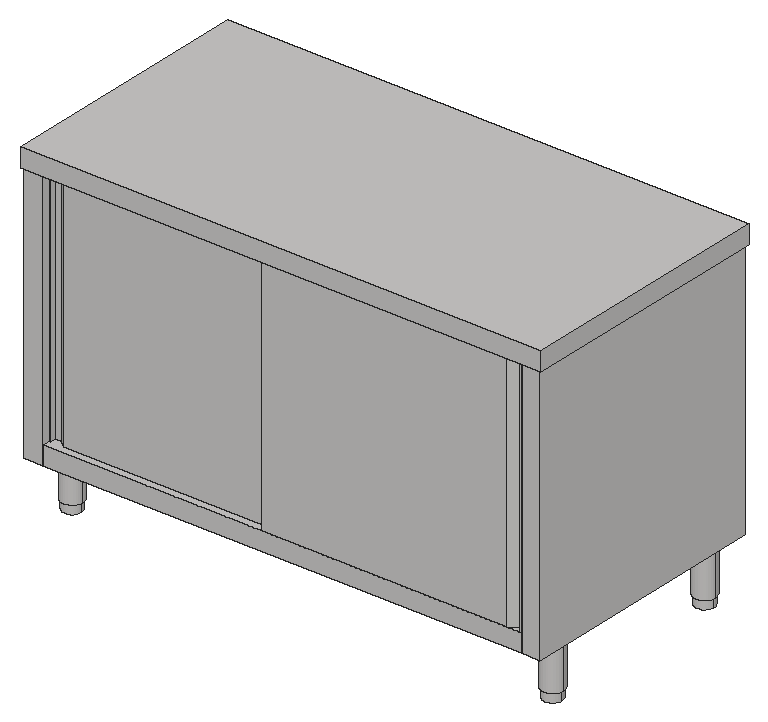
Revit family "QF_ELECTROLUXPROFESSIONAL_132772_MTN1400PN", category Specialty Equipment, Revit 2023
Family settings
  Round Connector Dimension = Use Diameter
  Part Type = Normal
  Work Plane-Based = No
  Enable Cutting in Views = No
  Always vertical = Yes
  Cut with Voids When Loaded = No
  Maintain Annotation Orientation = No
  Shared = No
  Room Calculation Point = No
Parameters (values of type "Standard")
  Weight = 60.00 kg
  Watts = 0 W
  Volts = 0 V
  URL Manufacturer = "http://www.electroluxprofessional.com"
  URL = "http://www.electroluxprofessional.com"
  Steam Supply Size = 0 mm
  Steam Supply Minimum Pressure = 0.0 Pa
  Steam Supply Maximum Pressure = 0.0 Pa
  Steam Consumption per Hour = 0
  Refrigeration Suction Line Size = 0.0 mm
  Refrigeration Liquid Line Size = 0.0 mm
  Refrigerant Compressor Remote = yes
  Default Elevation = 0.0 mm
  Manufacturer = "Electrolux Professional"
  Phase = 0
  Model = "MTN1400PN"
  Length Actual = 1400.0 mm
  Item Number = "132772"
  Hot Water Size = 0 mm
  Height Actual = 900.0 mm
  HP = "0 HP"
  Gas Size = 0 mm
  Gas KW = 0
  Gas Input Pressure = 0 W
  Direct Waste Size = 0 mm
  Description = "WORKTOP CUPB.+SHELF+SLIDING DOORS 1400MM"
  Depth Actual = 700.0 mm
  Cycle = 0 Hz
  Condensate Return Size = 0 mm
  Compressed Air Volume = 0.0 L/s
  Compressed Air Size = 0 mm
  Compressed Air Pressure = 0.0 Pa
  Cold Water Size = 0 mm
  Accessory = no
Reference planes
  plane 1 "Center (Front/Back)": y = 0
  plane 2: z = 0
  plane 3 "Center (Left/Right)": x = -200
  plane 4 "LEFT": x = -900
  plane 5 "RIGHT": x = 500
  plane 6 "BACK": y = 350
  plane 7 "FRONT": y = -350
  plane 8 "Base": z = 850
  plane 9 "TOP": z = 900
  plane 10: x = -846.9
  plane 11: x = 446.9
  plane 12: y = 270
  plane 13: y = -241.9
  plane 14 "BodyLeft": x = -894.5
  plane 15 "BodyFront": y = -344.5
  plane 16 "BodyRight": x = 494.5
  plane 17 "BodyBack": y = 344.5
  plane 18 "FEET": z = 150
  plane 19: x = -144.5
  plane 20: x = -255.5
Forms (mm)
  Extrusion 1, solid, material "QF_Finishes_Stainless Steel"
    sketch origin (-200, 0, 0) x (0, 1, 0) y (0, 0, 1)
      loop
        line (-350, 850) -> (350, 850) -> (350, 900) -> (-350, 900) -> (-350, 850)
    from 700 to -700
  Extrusion 2, solid, material "QF_Finishes_Stainless Steel"
    sketch origin (0, 0, 150) x (-1, 0, 0) y (0, -1, 0)
      loop
        line (894.5, -344.5) -> (894.5, 344.5) -> (844.5, 344.5) -> (844.5, -344.5) -> (894.5, -344.5)
      loop
        line (-444.5, -344.5) -> (-444.5, 344.5) -> (-494.5, 344.5) -> (-494.5, -344.5) -> (-444.5, -344.5)
    from 0 to 700
  Extrusion 3, solid, material "QF_Finishes_Stainless Steel"
    sketch origin (0, 0, 150) x (-1, 0, 0) y (0, -1, 0)
      loop
        line (843.585, -344.5) -> (843.585, 344.5) -> (-444.5, 344.5) -> (-444.5, -344.5) -> (843.585, -344.5)
    from 0 to 50
  Extrusion 4, solid, material "QF_Finishes_Stainless Steel"
    sketch origin (0, 0, 150) x (-1, 0, 0) y (0, -1, 0)
      loop
        line (843.585, -344.5) -> (843.585, -294.5) -> (-444.5, -294.5) -> (-444.5, -344.5) -> (843.585, -344.5)
    from 50 to 700
  Extrusion 5, solid, material "QF_Finishes_Stainless Steel"
    sketch origin (0, 0, 150) x (-1, 0, 0) y (0, -1, 0)
      loop
        line (-444.5, 344.5) -> (-444.5, 324.5) -> (255.5, 324.5) -> (255.5, 344.5) -> (-404.5, 344.5) -> (-424.5, 329.5) -> (-439.5, 329.5) -> (-439.5, 344.5) -> (-444.5, 344.5)
    from 50 to 700
  Extrusion 6, solid, material "QF_Finishes_Stainless Steel"
    sketch origin (0, 20, 150) x (1, 0, 0) y (0, 1, 0)
      loop
        line (-844.5, -344.5) -> (-839.5, -344.5) -> (-839.5, -329.5) -> (-824.5, -329.5) -> (-804.5, -344.5) -> (-144.5, -344.5) -> (-144.5, -324.5) -> (-844.5, -324.5) -> (-844.5, -344.5)
    from 50 to 700
Lines and regions (mm)
  symbolic lines
    curve 1: line (500, 350, 900) -> (-900, 350, 900)
    curve 2: line (-900, 350, 900) -> (-900, -350, 900)
    curve 3: line (-900, -350, 900) -> (500, -350, 900)
    curve 4: line (500, -350, 900) -> (500, 350, 900)
  symbolic lines, style "SpecialityEquipmentHiddenLines"
    curve 5: line (-894.5, 344.5, 150) -> (494.5, 344.5, 150)
    curve 6: line (-894.5, -344.5, 150) -> (-894.5, 344.5, 150)
    curve 7: line (494.5, -344.5, 150) -> (-894.5, -344.5, 150)
    curve 8: line (494.5, 344.5, 150) -> (494.5, -344.5, 150)
    curve 9: line (-844.5, -304.5, 150) -> (-144.5, -304.5, 150)
    curve 10: line (-144.5, -304.5, 150) -> (-144.5, -324.5, 150)
    curve 11: line (-844.5, -324.5, 150) -> (444.5, -324.5, 150)
    curve 12: line (444.5, -324.5, 150) -> (444.5, -344.5, 150)
    curve 13: line (-255.5, -324.5, 150) -> (-255.5, -344.5, 150)
    curve 14: line (-844.5, -304.5, 150) -> (-844.5, -324.5, 150)
Dimensions and locks
  plane 4 "LEFT" to plane 5 "RIGHT" = 1400.0 mm
  equal spacing: plane 4 "LEFT", plane 3 "Center (Left/Right)", plane 5 "RIGHT"
  locked: plane 8 "Base" to level at 850
  plane 9 "TOP" to level = 900.0 mm
  plane 6 "BACK" to plane 7 "FRONT" = 700.0 mm
  equal spacing: plane 6 "BACK", plane 1 "Center (Front/Back)", plane 7 "FRONT"
  locked: plane 4 "LEFT" to plane 14 "BodyLeft" at 5.5
  locked: plane 16 "BodyRight" to plane 5 "RIGHT" at 5.5
  locked: plane 15 "BodyFront" to plane 7 "FRONT" at 5.5
  locked: plane 6 "BACK" to plane 17 "BodyBack" at 5.5
  locked: plane 14 "BodyLeft" to plane 10 at 47.6
  locked: plane 11 to plane 16 "BodyRight" at 47.6
  locked: plane 13 to plane 15 "BodyFront" at 102.6
  locked: plane 17 "BodyBack" to plane 12 at 74.5
  plane 10 to plane 11 = 1293.8 mm
  plane 12 to plane 13 = 511.9 mm
  locked: plane 14 "BodyLeft" to Extrusion 2 sketch curve at 50
  locked: Extrusion 2 sketch curve to Extrusion 2 sketch curve at 50
  Extrusion 3 to Extrusion 4 sketch curve = 50.0 mm
  Extrusion 2 to plane 19 = 700.0 mm
  plane 20 to Extrusion 2 = 700.0 mm
  locked: plane 18 "FEET" to level at 150
  aligned and locked: level to plane 2
  aligned and locked: plane 10 to nested 1
  aligned and locked: nested 1 to plane 13
  aligned and locked: plane 11 to nested 2
  aligned and locked: nested 2 to plane 13
  aligned and locked: plane 11 to nested 4
  aligned and locked: nested 4 to plane 12
  aligned and locked: plane 10 to nested 3
  aligned and locked: nested 3 to plane 12
  aligned and locked: Extrusion 1 to plane 4 "LEFT"
  aligned and locked: plane 5 "RIGHT" to Extrusion 1
  aligned and locked: curve 2 to plane 4 "LEFT"
  aligned and locked: plane 17 "BodyBack" to Extrusion 2 sketch curve
  aligned and locked: Extrusion 2 sketch curve to plane 15 "BodyFront"
  aligned and locked: Extrusion 2 sketch curve to plane 14 "BodyLeft"
  aligned and locked: plane 16 "BodyRight" to Extrusion 2 sketch curve
  aligned and locked: Extrusion 2 sketch curve to plane 17 "BodyBack"
  aligned and locked: plane 15 "BodyFront" to Extrusion 2 sketch curve
  aligned and locked: Extrusion 3 sketch curve to plane 17 "BodyBack"
  aligned and locked: plane 15 "BodyFront" to Extrusion 3 sketch curve
  aligned and locked: plane 8 "Base" to Extrusion 2
  aligned and locked: Extrusion 4 sketch curve to Extrusion 3
  aligned and locked: plane 8 "Base" to Extrusion 5
  aligned and locked: Extrusion 5 to Extrusion 3
  aligned and locked: Extrusion 6 sketch curve to plane 19
  aligned and locked: Extrusion 5 sketch curve to plane 20
  aligned and locked: Extrusion 1 to plane 8 "Base"
  aligned and locked: plane 9 "TOP" to Extrusion 1
  aligned and locked: curve 5 to plane 17 "BodyBack"
  aligned and locked: plane 14 "BodyLeft" to curve 6
  aligned and locked: plane 15 "BodyFront" to curve 7
  aligned and locked: plane 16 "BodyRight" to curve 8
Automatic sketch dimensions
  curve 3 to plane 7 "FRONT" = 0.0 mm
  curve 4 to plane 6 "BACK" = 0.0 mm
  Extrusion 1 sketch curve to plane 7 "FRONT" = 0.0 mm
  plane 9 "TOP" to Extrusion 1 sketch curve = 0.0 mm
  Extrusion 1 sketch curve to plane 6 "BACK" = 0.0 mm
  Extrusion 1 sketch curve to plane 8 "Base" = 0.0 mm
  Extrusion 5 sketch curve to plane 15 "BodyFront" = 0.0 mm  (x2)
  Extrusion 5 sketch curve to plane 11 = 2.4 mm
  Extrusion 5 sketch curve to Extrusion 5 sketch curve = 5.0 mm
  Extrusion 5 sketch curve to Extrusion 5 sketch curve = 15.0 mm
  Extrusion 5 sketch curve to Extrusion 5 sketch curve = 20.0 mm
  plane 15 "BodyFront" to Extrusion 5 sketch curve = 15.0 mm
  plane 15 "BodyFront" to Extrusion 5 sketch curve = 20.0 mm
  Extrusion 6 sketch curve to plane 15 "BodyFront" = 20.0 mm  (x2)
  Extrusion 6 sketch curve to plane 10 = 2.4 mm
  Extrusion 6 sketch curve to Extrusion 6 sketch curve = 5.0 mm
  Extrusion 6 sketch curve to Extrusion 6 sketch curve = 15.0 mm
  Extrusion 6 sketch curve to Extrusion 6 sketch curve = 20.0 mm  (x2)
  Extrusion 6 sketch curve to plane 15 "BodyFront" = 35.0 mm
  Extrusion 3 sketch curve to plane 11 = 2.4 mm
  plane 10 to Extrusion 3 sketch curve = 3.315 mm
  Extrusion 4 sketch curve to plane 11 = 2.4 mm
  plane 10 to Extrusion 4 sketch curve = 3.315 mm
  curve 10 to plane 19 = 0.0 mm
  curve 13 to plane 20 = 0.0 mm
  curve 11 to plane 11 = 2.4 mm
  plane 15 "BodyFront" to curve 9 = 40.0 mm
  curve 12 to curve 12 = 20.0 mm
  plane 10 to curve 14 = 2.4 mm
  curve 4 to plane 5 "RIGHT" = 0.0 mm
Nested families
  nested 1: "FEET_D58-150" at (-846.9, -241.9, 0), type "FEET_D58-150"
  nested 2: "FEET_D58-150" at (446.9, -241.9, 0), type "FEET_D58-150"
  nested 3: "FEET_D58-150" at (-846.9, 270, 0), type "FEET_D58-150"
  nested 4: "FEET_D58-150" at (446.9, 270, 0), type "FEET_D58-150"
Definition of nested family "FEET_D58-150"
  Parameters
    Default Elevation = 0.0 mm
    FEET = 150.0 mm
  Reference planes
    plane 1 "Center (Front/Back)": y = 0
    plane 2: z = 0
    plane 3 "Center (Left/Right)": x = 0
    plane 4: z = 150
  Forms (mm)
    Extrusion 1, solid
      sketch origin (0, 0, 0) x (1, 0, 0) y (0, 1, 0)
        loop
          circle (0, 0) r 25
      from 0 to 25
    Extrusion 2, solid
      sketch origin (0, 0, 0) x (1, 0, 0) y (0, 1, 0)
        loop
          circle (0.061, 0) r 29
      from 25 to 150 <- "FEET"
  Lines and regions (mm)
    symbolic lines
      curve 1: line (0, -1.503, 0) -> (0, 1.508, 0)
      curve 2: line (1.561, 0, 0) -> (-1.439, 0, 0)
  Dimensions and locks
    "FEET": plane 4 to plane 2
    aligned and locked: level to plane 2
  Automatic sketch dimensions
    plane 1 "Center (Front/Back)" to Extrusion 1 sketch curve = 0.0 mm
    Extrusion 1 sketch curve to plane 3 "Center (Left/Right)" = 0.0 mm
    plane 1 "Center (Front/Back)" to curve 2 = 0.0 mm
    curve 1 to plane 3 "Center (Left/Right)" = 0.0 mm
    curve 2 to plane 3 "Center (Left/Right)" = 1.439 mm
    plane 3 "Center (Left/Right)" to curve 2 = 1.561 mm
    plane 1 "Center (Front/Back)" to curve 1 = 1.503 mm
    curve 1 to plane 1 "Center (Front/Back)" = 1.508 mm
    plane 1 "Center (Front/Back)" to Extrusion 2 sketch curve = 0.0 mm
    plane 3 "Center (Left/Right)" to Extrusion 2 sketch curve = 0.061 mm
    radius of Extrusion 1 sketch curve = 25.0 mm
    radius of Extrusion 2 sketch curve = 29.0 mm
